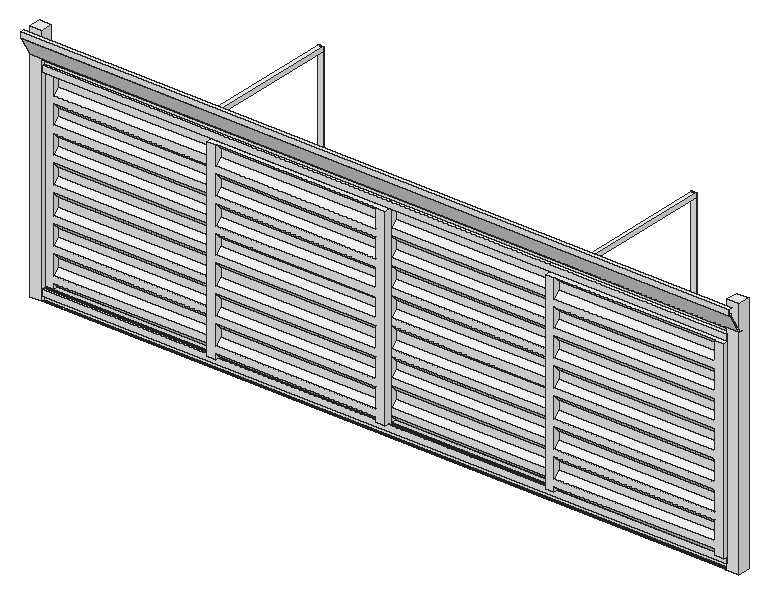
Revit family "Specialty_Equipment-Roof_Screen-Cityscapes-Envisor-bk1", category Specialty Equipment, Revit 2023 (continued)
Definition of nested family "Nested-Cityscapes-Support"
  Dimensions and locks (in)
    locked: Extrusion 1 sketch curve to level at 1.125
    locked: Extrusion 2 sketch curve to level at 1.125
    locked: plane 4 "Top" to Extrusion 2 sketch curve at 1.125
    Extrusion 2 sketch curve to Extrusion 2 sketch curve to plane 8 "Front" = 1.125" locked, 3.4375" locked
    plane 4 "Top" to Extrusion 3 sketch curve to Extrusion 3 sketch curve = 5.51066" locked, 0.91453" locked
    Extrusion 3 sketch curve to Extrusion 3 sketch curve to plane 8 "Front" = 0.65518" locked, 3.70185" locked
    Extrusion 3 sketch curve to Extrusion 3 sketch curve to level = 0.91453" locked, 4.73024" locked
    Extrusion 3 sketch curve to plane 7 "Back" to Extrusion 3 sketch curve = 0.32759" locked, 0.32759" locked
    plane 7 "Back" to Extrusion 4 sketch curve to Extrusion 4 sketch curve = 0.000" locked, 0.125" locked
    Extrusion 4 sketch curve to plane 3 "Center (Left/Right)" to Extrusion 4 sketch curve = 0.750" locked, 0.750" locked
    locked: plane 8 "Front" to Extrusion 5 sketch curve at 2.3
    locked: Extrusion 1 sketch curve to plane 8 "Front" at 1  (x2)
    aligned and locked: plane 2 "Bottom" to level
    aligned and locked: plane 7 "Back" to Extrusion 1 sketch curve
    aligned and locked: Extrusion 1 sketch curve to plane 4 "Top"
    aligned and locked: Extrusion 1 sketch curve to plane 7 "Back"
    aligned and locked: Extrusion 1 sketch curve to level
    aligned and locked: Extrusion 3 to plane 5 "Left"
    aligned and locked: Extrusion 1 to plane 5 "Left"
    aligned and locked: plane 6 "Right" to Extrusion 3
    aligned and locked: plane 6 "Right" to Extrusion 1
    aligned and locked: plane 6 "Right" to Extrusion 2
    aligned and locked: Extrusion 2 to plane 5 "Left"
    aligned and locked: Extrusion 3 to plane 6 "Right"
    aligned and locked: Extrusion 4 to level
    aligned and locked: plane 4 "Top" to Extrusion 4
    aligned and locked: Extrusion 5 sketch curve to Extrusion 4
    aligned and locked: Extrusion 5 to level
    aligned and locked: plane 4 "Top" to Extrusion 5
    aligned and locked: plane 5 "Left" to Extrusion 5 sketch curve
  Automatic sketch dimensions
    Extrusion 5 sketch curve to plane 6 "Right" = 0.000"
Definition of nested family "Nested-Cityscapes-Support_Corner"
  Parameters (values of type "Support")
    URL = "Link to MFG corporate homepage"
    Type Comments = "Comments based on Product Type"
    Model = "Model Name or ID, set with equation if possible"  # constant formula
    Manufacturer = "Full Manufacturer Name"  # constant formula
    Description = "General Description of Product"  # constant formula
    Default Elevation = 0.000"
    CD_Width = 1.125"
    CD_Warranty = "Link to MFG Warranty Information"
    CD_Unit Size = "Description of Product Sizing, set with equation if possible"  # constant formula
    CD_Specification = "Link to Product Specification"
    CD_Product Page URL = "Link to MFG Product Page"
    CD_Product Name = "Name of Product/Series represented, set with equation if possible"  # constant formula
    CD_Product Documentation Link = "Link to MFG Product Brochure or Doocumentation"
    CD_Microsite = "Link to MFG CADdetails Microsite"
    CD_Install Documentation = "Link to MFG Installtion Documentation"
    CD_Height = 50.000"
    CD_Finish = none
    CD_Disclaimer = "Insert Product Description usage if available"  # constant formula
    CD_Depth = 37.3125"
    CD_Architectural Portal = "Link to MFG Technical Resources"
    Assembly Code = "Connect to closest Uniformat"
  Reference planes (in)
    plane 1 "Center (Front/Back)": y = 0
    plane 2 "Bottom": z = 0
    plane 3 "Center (Left/Right)": x = 0
    plane 4 "Top": z = 50
    plane 5 "Left": x = -0.5625
    plane 6 "Right": x = 0.5625
    plane 7 "Back": y = 18.65625
    plane 8 "Front": y = -18.65625
  Forms (in)
    Extrusion 1, solid, material <- "CD_Finish", detail levels medium+fine
      sketch origin (0, 0, 0) x (0, 1, 0) y (0, 0, 1)
        loop
          line (18.65625, 50) -> (-18.65625, 50) -> (-18.65625, 48.875) -> (18.65625, 48.875) -> (18.65625, 50)
        loop
          line (18.65625, 0) -> (18.65625, 1.125) -> (-18.65625, 1.125) -> (-18.65625, 0) -> (18.65625, 0)
      from -0.5625 to 0.5625
    Extrusion 2, solid, material <- "CD_Finish", detail levels medium+fine
      sketch origin (0, 0, 0) x (0, 1, 0) y (0, 0, 1)
        loop
          line (-18.34731, 49.21387) -> (-19.0025, 48.29934) -> (18.32866, 4.73024) -> (18.98384, 5.64476) -> (-18.34731, 49.21387)
      from -0.5625 to 0.5625
    Extrusion 3, solid, material <- "CD_Finish", detail levels coarse
      sketch origin (0, 0, 0) x (1, 0, 0) y (0, 1, 0)
        loop
          line (-0.5625, 18.65625) -> (-0.5625, -18.65625) -> (0.5625, -18.65625) -> (0.5625, 18.65625) -> (-0.5625, 18.65625)
      from 0 to 50
  Dimensions and locks (in)
    "CD_Height": plane 4 "Top" to plane 2 "Bottom"
    equal spacing: plane 5 "Left", plane 3 "Center (Left/Right)", plane 6 "Right"
    "CD_Width": plane 5 "Left" to plane 6 "Right"
    equal spacing: plane 8 "Front", plane 1 "Center (Front/Back)", plane 7 "Back"
    "CD_Depth": plane 8 "Front" to plane 7 "Back"
    locked: plane 4 "Top" to Extrusion 1 sketch curve at 1.125
    locked: Extrusion 1 sketch curve to level at 1.125
    Extrusion 2 sketch curve to Extrusion 2 sketch curve to level = 0.91453" locked, 4.73024" locked
    Extrusion 2 sketch curve to plane 7 "Back" to Extrusion 2 sketch curve = 0.32759" locked, 0.32759" locked
    Extrusion 2 sketch curve to plane 8 "Front" to Extrusion 2 sketch curve = 0.30894" locked, 0.34625" locked
    plane 4 "Top" to Extrusion 2 sketch curve to Extrusion 2 sketch curve = 0.78613" locked, 0.91453" locked
    aligned and locked: plane 2 "Bottom" to level
    aligned and locked: plane 7 "Back" to Extrusion 1 sketch curve
    aligned and locked: Extrusion 1 sketch curve to plane 8 "Front"
    aligned and locked: Extrusion 1 sketch curve to plane 4 "Top"
    aligned and locked: plane 8 "Front" to Extrusion 1 sketch curve
    aligned and locked: Extrusion 1 sketch curve to plane 7 "Back"
    aligned and locked: Extrusion 1 sketch curve to level
    aligned and locked: Extrusion 2 to plane 5 "Left"
    aligned and locked: Extrusion 1 to plane 5 "Left"
    aligned and locked: plane 6 "Right" to Extrusion 2
    aligned and locked: plane 6 "Right" to Extrusion 1
    aligned and locked: Extrusion 2 to plane 6 "Right"
    aligned and locked: Extrusion 3 sketch curve to Extrusion 1  (x2)
    aligned and locked: Extrusion 3 sketch curve to Extrusion 2
    aligned and locked: Extrusion 3 sketch curve to plane 8 "Front"
    aligned and locked: plane 4 "Top" to Extrusion 3
    aligned and locked: Extrusion 3 to level
Definition of nested family "Cityscapes-Trims"
  Parameters (values of type "3 Step Trim")
    Type Comments = "For use with Cityscapes Models Only"  # constant formula
    Model = if(CD_2 Step Vis, "Two Step", if(CD_Lineal Band, "Lineal Band", if(CD_3 Step Vis, "Three Step", if(CD_Alamo Vis, "Alamo", "Cove"))))  # "Lineal Band"
    Manufacturer = "\"Cityscapes Incorporated\""
    built-in parameter 1001306 [instance] = 48.000"
    Default Elevation = 0.000"
    CD_Right Corner Offset = if(CD_Right Corner, 0.000", 8.000")  # 0.000"
    CD_Right Corner = yes
    CD_Lineal Band = yes
    CD_Left Corner Offset = if(CD_Left Corner, 0.000", 8.000")  # 0.000"
    CD_Left Corner = yes
    CD_Height = if(CD_2 Step Vis, 5.500", if(CD_Lineal Band, 3.000", if(CD_3 Step Vis, 8.000", 6.500")))  # 3.000"
    CD_Finish = none
    CD_Depth = if(CD_2 Step Vis, 2.41016", if(CD_Lineal Band, 1.66016", if(CD_3 Step Vis, 3.16016", if(CD_Alamo Vis, 4.125", 4.875"))))  # 1.66016"
    CD_Cove Vis = no
    CD_Alamo Vis = no
    CD_3 Step Vis = no
    CD_2 Step Vis = no
  Types (5): name | Model | CD_Right Corner Offset | CD_Right Corner | CD_Lineal Band | CD_Left Corner Offset | CD_Left Corner | CD_Height | CD_Depth | CD_Cove Vis | CD_Alamo Vis | CD_2 Step Vis
    Alamo Trim | "Alamo" | 8.000" | no | no | 8.000" | no | 6.500" | 4.125" | no | yes | no
    2 Step Trim | "Two Step" | 8.000" | no | no | 8.000" | no | 5.500" | 2.41016" | no | no | yes
    3 Step Trim | "Lineal Band" | 0.000" | yes | yes | 0.000" | yes | 3.000" | 1.66016" | no | no | no
    Cove Trim | "Cove" | 8.000" | no | no | 8.000" | no | 6.500" | 4.875" | yes | no | no
    Lineal Band Trim | "Lineal Band" | 8.000" | no | yes | 8.000" | no | 3.000" | 1.66016" | no | no | no
  Reference planes (in)
    plane 1 "Center (Front/Back)": y = 0
    plane 2: z = 0
    plane 3 "Left": x = 0
    plane 4 "Right": x = 48
    plane 5: z = 3
    plane 6: y = -1.66016
    plane 7: x = 0
    plane 8: x = 48
  Forms (in)
    Sweep 1, solid, material <- "CD_Finish", visible <- "CD_Alamo Vis", detail levels medium+fine
      path origin (0, 0, 0) x (1, 0, 0) y (0, 1, 0)
        loop
          line (0, 0) -> (48, 0)
      profile origin (24, 0, 0) x (0, 1, 0) y (0, 0, 1)
        loop
          line (0, 0) -> (0, 0.0625) -> (-0.83892, 0.0625) -> (-3.5625, 4.77989) -> (-3.5625, 5.32564) -> (-4.0625, 5.32564) -> (-4.0625, 6.4375) -> (-3.125, 6.4375) -> (-3.125, 6.5) -> (-4.125, 6.5) -> (-4.125, 5.26314) -> (-3.625, 5.26314) -> (-3.625, 4.76314) -> (-0.875, 0) -> (0, 0)
    Sweep 2, solid, material <- "CD_Finish", visible <- "CD_Cove Vis", detail levels medium+fine
      path origin (0, 0, 0) x (1, 0, 0) y (0, 1, 0)
        loop
          line (0, 0) -> (48, 0)
      profile origin (24, 0, 0) x (0, 1, 0) y (0, 0, 1)
        loop
          line (0, 0) -> (0, 0.0625) -> (-0.83892, 0.0625)
          arc (-0.83892, 0.0625) -> (-1.81811, 3.00413) -> (-4.33885, 4.80909) r 5.01852
          line (-4.33885, 4.80909) -> (-4.33885, 5.32564) -> (-4.8125, 5.32564) -> (-4.8125, 6.4375) -> (-3.875, 6.4375) -> (-3.875, 6.5) -> (-4.875, 6.5) -> (-4.875, 5.26314) -> (-4.40135, 5.26314) -> (-4.40135, 4.76314)
          arc (-4.40135, 4.76314) -> (-1.86356, 2.96045) -> (-0.90135, 0) r 4.95602
          line (-0.90135, 0) -> (0, 0)
    Sweep 3, solid, material <- "CD_Finish", visible <- "CD_3 Step Vis", detail levels medium+fine
      path origin (0, 0, 0) x (1, 0, 0) y (0, 1, 0)
        loop
          line (0, 0) -> (48, 0)
      profile origin (24, 0, 0) x (0, 1, 0) y (0, 0, 1)
        loop
          line (0, 0) -> (0, 0.0625) -> (-1.59858, 0.0625) -> (-1.59858, 2.71242) -> (-2.34858, 2.71242) -> (-2.34858, 5.37909) -> (-3.09858, 5.37909) -> (-3.09858, 7.92075) -> (-2.16108, 7.92075) -> (-2.16108, 7.98325) -> (-3.16108, 7.98325) -> (-3.16108, 5.31659) -> (-2.41108, 5.31659) -> (-2.41108, 2.64992) -> (-1.66108, 2.64992) -> (-1.66108, 0) -> (-0.9375, 0) -> (-0.9375, -0.08917) -> (-0.875, -0.08917) -> (-0.875, 0) -> (0, 0)
    Sweep 4, solid, material <- "CD_Finish", visible <- "CD_2 Step Vis", detail levels medium+fine
      path origin (0, -12.25, 0) x (1, 0, 0) y (0, 1, 0)
        loop
          line (0, 12.25) -> (48, 12.25)
      profile origin (24, 0, 0) x (0, 1, 0) y (0, 0, 1)
        loop
          line (0, 0) -> (0, 0.0625) -> (-1.59858, 0.0625) -> (-1.59858, 2.71242) -> (-2.34858, 2.71242) -> (-2.34858, 5.5) -> (-2.41108, 5.5) -> (-2.41108, 2.64992) -> (-1.66108, 2.64992) -> (-1.66108, 0) -> (-0.9375, 0) -> (-0.9375, -0.08917) -> (-0.875, -0.08917) -> (-0.875, 0) -> (0, 0)
    Sweep 5, solid, material <- "CD_Finish", visible <- "CD_Lineal Band", detail levels medium+fine
      path origin (0, -12.25, 0) x (1, 0, 0) y (0, 1, 0)
        loop
          line (0, 12.25) -> (48, 12.25)
      profile origin (24, 0, 0) x (0, 1, 0) y (0, 0, 1)
        loop
          line (0, 0) -> (0, 0.0625) -> (-1.59858, 0.0625) -> (-1.59858, 3) -> (-1.66108, 3) -> (-1.66108, 0) -> (-0.9375, 0) -> (-0.9375, -0.08917) -> (-0.875, -0.08917) -> (-0.875, 0) -> (0, 0)
    Extrusion 6, solid, material <- "CD_Finish", detail levels coarse
      sketch origin (0, 0, 0) x (0, 1, 0) y (0, 0, 1)
        loop
          line (0, 0) -> (0, 0.0625) -> (-0.83892, 0.0625) -> (-0.83892, 3) -> (-1.66016, 3) -> (-1.66016, 0) -> (0, 0)
      from 0 to 48
    Extrusion 7, void
      sketch origin (0, 0, 0) x (1, 0, 0) y (0, 1, 0)
        loop
          line (50.75, 3.21484) -> (43.125, 3.21484) -> (50.75, -4.41016) -> (50.75, 3.21484)
        loop
          line (-4.25, 3.21484) -> (-4.25, -5.91016) -> (4.875, 3.21484) -> (-4.25, 3.21484)
      from -4.50881 to 8.5
  Cuts and joins
    Extrusion 7 cuts Extrusion 6
    Extrusion 7 cuts Sweep 2
    Extrusion 7 cuts Sweep 1
    Extrusion 7 cuts Sweep 5
    Extrusion 7 cuts Sweep 4
    Extrusion 7 cuts Sweep 3
  Lines and regions (in)
    reference lines
      curve 1: line (0, 0, 0) -> (48, 0, 0)
  Dimensions and locks (in)
    "built-in parameter 1001306": plane 3 "Left" to plane 4 "Right"
    profile plane to Sweep 1 sketch curve to Sweep 1 sketch curve to Sweep 1 sketch curve to Sweep 1 sketch curve to Sweep 1 sketch curve to Sweep 1 sketch curve to Sweep 1 sketch curve to Sweep 1 sketch curve = 0.000" locked, 0.83892" locked, 0.03608" locked, 2.250" locked, 0.4375" locked, 0.0625" locked, 0.4375" locked, 0.0625" locked
    Sweep 1 sketch curve to Sweep 1 sketch curve to Sweep 1 sketch curve to Sweep 1 sketch curve to Sweep 1 sketch curve to Sweep 1 sketch curve to Sweep 1 sketch curve to profile plane to Sweep 1 sketch curve = 0.0625" locked, 1.11186" locked, 0.0625" locked, 0.48325" locked, 0.01675" locked, 4.70064" locked, 0.0625" locked, 0.000" locked
    Sweep 2 sketch curve to Sweep 2 sketch curve to Sweep 2 sketch curve to Sweep 2 sketch curve to Sweep 2 sketch curve to Sweep 2 sketch curve to Sweep 2 sketch curve to profile plane to Sweep 2 sketch curve = 0.0625" locked, 1.11186" locked, 0.0625" locked, 0.45405" locked, 0.04595" locked, 4.70064" locked, 0.0625" locked, 0.000" locked
    profile plane to Sweep 2 sketch curve to Sweep 2 sketch curve to Sweep 2 sketch curve to Sweep 2 sketch curve to Sweep 2 sketch curve to Sweep 2 sketch curve to Sweep 2 sketch curve to Sweep 2 sketch curve = 0.000" locked, 0.83892" locked, 0.06243" locked, 2.97365" locked, 0.46385" locked, 0.0625" locked, 0.41115" locked, 0.0625" locked
    Sweep 3 sketch curve to Sweep 3 sketch curve to Sweep 3 sketch curve to Sweep 3 sketch curve to Sweep 3 sketch curve to Sweep 3 sketch curve to Sweep 3 sketch curve to profile plane to Sweep 3 sketch curve to Sweep 3 sketch curve to Sweep 3 sketch curve = 0.0625" locked, 2.54167" locked, 0.0625" locked, 2.60417" locked, 0.0625" locked, 2.58742" locked, 0.0625" locked, 0.000" locked, 0.000" locked, 0.08917" locked
    profile plane to Sweep 3 sketch curve to Sweep 3 sketch curve to Sweep 3 sketch curve to Sweep 3 sketch curve to Sweep 3 sketch curve to Sweep 3 sketch curve to Sweep 3 sketch curve to Sweep 3 sketch curve to Sweep 3 sketch curve to Sweep 3 sketch curve = 0.000" locked, 0.875" locked, 0.0625" locked, 0.66108" locked, 0.0625" locked, 0.500" locked, 0.1875" locked, 0.0625" locked, 0.6875" locked, 0.0625" locked
    Sweep 4 sketch curve to Sweep 4 sketch curve to Sweep 4 sketch curve to Sweep 4 sketch curve to profile plane to Sweep 4 sketch curve to Sweep 4 sketch curve to Sweep 4 sketch curve = 2.78758" locked, 0.0625" locked, 2.58742" locked, 0.0625" locked, 0.000" locked, 0.000" locked, 0.08917" locked
    profile plane to Sweep 4 sketch curve to Sweep 4 sketch curve to Sweep 4 sketch curve to Sweep 4 sketch curve to Sweep 4 sketch curve to Sweep 4 sketch curve to Sweep 4 sketch curve = 0.000" locked, 0.875" locked, 0.0625" locked, 0.66108" locked, 0.0625" locked, 0.6875", 0.0625" locked
    profile plane to Sweep 5 sketch curve to Sweep 5 sketch curve to Sweep 5 sketch curve to Sweep 5 sketch curve to Sweep 5 sketch curve = 0.000" locked, 0.875" locked, 0.0625" locked, 0.66108" locked, 0.0625" locked
    Sweep 5 sketch curve to Sweep 5 sketch curve to profile plane to Sweep 5 sketch curve to Sweep 5 sketch curve to Sweep 5 sketch curve = 2.9375" locked, 0.0625" locked, 0.000" locked, 0.000" locked, 0.08917" locked
    "CD_Height": plane 5 to level
    "CD_Depth": plane 1 "Center (Front/Back)" to plane 6
    locked: plane 1 "Center (Front/Back)" to Extrusion 6 sketch curve at 0.83892
    locked: plane 2 to Extrusion 6 sketch curve at 0.0625
    "CD_Left Corner Offset": plane 7 to plane 3 "Left"
    "CD_Right Corner Offset": plane 4 "Right" to plane 8
    locked: Extrusion 7 to plane 5 at 5.5
    locked: level to Extrusion 7 at 4.50881
    Extrusion 7 sketch curve to plane 8 to Extrusion 7 sketch curve = 4.875" locked, 2.750" locked
    Extrusion 7 sketch curve to plane 6 to Extrusion 7 sketch curve = 2.750" locked, 4.875" locked
    Extrusion 7 sketch curve to plane 7 to Extrusion 7 sketch curve = 4.875" locked, 4.250" locked
    Extrusion 7 sketch curve to plane 6 to Extrusion 7 sketch curve = 4.250" locked, 4.875" locked
    aligned and locked: plane 4 "Right" to curve 1
    aligned and locked: plane 1 "Center (Front/Back)" to curve 1
    aligned and locked: plane 3 "Left" to curve 1
    aligned and locked: level to plane 2
    aligned and locked: plane 4 "Right" to Sweep 1 sketch curve
    aligned and locked: plane 3 "Left" to Sweep 1 sketch curve
    aligned and locked: plane 1 "Center (Front/Back)" to Sweep 1 sketch curve
    aligned and locked: plane 1 "Center (Front/Back)" to Sweep 2 sketch curve
    aligned and locked: plane 3 "Left" to Sweep 2 sketch curve
    aligned and locked: plane 4 "Right" to Sweep 2 sketch curve
    aligned and locked: plane 3 "Left" to Sweep 3 sketch curve
    aligned and locked: plane 4 "Right" to Sweep 3 sketch curve
    aligned and locked: plane 1 "Center (Front/Back)" to Sweep 3 sketch curve
    aligned and locked: plane 3 "Left" to Sweep 4 sketch curve
    aligned and locked: plane 4 "Right" to Sweep 4 sketch curve
    aligned and locked: plane 1 "Center (Front/Back)" to Sweep 4 sketch curve
    aligned and locked: plane 3 "Left" to Sweep 5 sketch curve
    aligned and locked: plane 4 "Right" to Sweep 5 sketch curve
    aligned and locked: plane 1 "Center (Front/Back)" to Sweep 5 sketch curve
    aligned and locked: Extrusion 6 sketch curve to plane 2
    aligned and locked: Extrusion 6 sketch curve to plane 6
    aligned and locked: Extrusion 6 sketch curve to plane 5
    aligned and locked: plane 1 "Center (Front/Back)" to Extrusion 6 sketch curve
    aligned and locked: plane 4 "Right" to Extrusion 6
    aligned and locked: Extrusion 6 to plane 3 "Left"
  Automatic sketch dimensions
    Sweep 2 sketch curve to Sweep 2 sketch curve = 0.000"  (x2)
